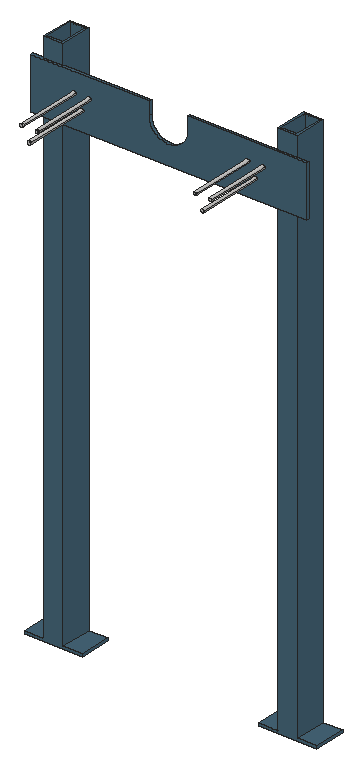
Revit family "Plate_System_Water_Coolers-Zurn-Industries-Z1224", category Plumbing Fixtures, host Face, Revit 2022
Family settings
  Host = Face
  Round Connector Dimension = Use Diameter
  Part Type = Normal
  OmniClass Number = 23.45.05.21.11.14
  OmniClass Title = Chemical/Biological Sanitary Disposal Units
  Cut with Voids When Loaded = No
  Maintain Annotation Orientation = No
  Shared = No
  Room Calculation Point = No
Parameters (values of type "Load Family Type Catalog")
  WFU = 1  # constant formula
  Type Comments = "American Standard®-Washbrook™ (6501.010)"
  Product Installation Sheet URL = "https://files.zurn.com/care-cleaning-install-warranty-sheets/c1.pdf"
  Width = 2.500"  # constant formula
  Waste Connection = 0 = 0  # yes
  Vent Connection = 0 = 1  # no
  URL = "www.zurn.com"
  System with Universal Plate = Iron - Zurn - Cast - Painted - Blue
  Single Installation Holes = no
  Product Data URL = "https://www.bimobject.com/en/zurnindustries/product/zurn-z1224"
  Product Page URL = "https://www.zurn.com/products/drainage-interceptors/carriers-fixture-supports/lavatory-sink-carriers/z1224"
  Product Documentation Link = "https://files.zurn.com/spec-sheets/z1224.pdf"
  Modified Date = "10/31/2025"  # constant formula
  Model = "Z1224"  # constant formula
  Manufacturer Brand = "Zurn"  # constant formula
  Manufacturer = "Zurn Water, LLC"  # constant formula
  Hardware = Steel - Zurn - Zinc Coated
  HWFU = 0  # constant formula
  HW Connection = 0 = 1  # no
  H Dimension = 42.000"
  E' Dimension = 0.500"
  E Dimension = 0.594"
  Double Installtion Holes = yes
  Description = "Plate Type System Lavatory With Back"  # constant formula
  Default Elevation = 25.000"  # constant formula
  Date Created = "11/13/2018"  # constant formula
  D' Dimension (Zurn) = 1.000"
  D Dimension = 13.500"
  Curve inner radius = 1.500"
  CWFU = 0  # constant formula
  CW Connection = 0 = 1  # no
  B Dimension = 39.750"
  Assembly Code = "D2030100"
  Approx.wt.lbs = "28"
  A Dimension = 18.250"
Reference planes (in)
  plane 1 "Center (Front/Back)": y = 0
  plane 2: z = 0
  plane 3 "Center (Left/Right)": x = 0
  plane 4: z = 42.1875
  plane 5: z = 0.1875
  plane 6: y = 2.5
  plane 7: x = -9.875
  plane 8: x = -8.375
  plane 9: x = 8.375
  plane 10: x = 9.875
  plane 11: x = -11.375
  plane 12: x = 11.375
  plane 13: z = 39.9375
  plane 14: y = 2.375
  plane 15: y = 0.12
  plane 16: x = -9.75
  plane 17: x = -8.5
  plane 18: x = 8.5
  plane 19: x = 9.75
  plane 20: x = 10.625
  plane 21: x = 7.625
  plane 22: x = 10.625
  plane 23: x = -10.625
  plane 24: z = 40.6875
  plane 25: z = 36.6875
  plane 26: x = -10.75
  plane 27: x = 10.75
  plane 28 "Faceplate": y = -0.1875
  plane 29: z = 40.6875
  plane 30: z = 36.6875
  plane 31: z = 37.1875
  plane 32: y = -5.3125
  plane 33: z = 39.1875
  plane 34: x = -1.5
  plane 35: x = 1.5
  plane 36 "Face": y = -0.1875
  plane 37: x = -7.344
  plane 38: x = -6.156
  plane 39: x = 6.156
  plane 40: x = 7.344
  plane 41: x = -7.469
  plane 42: x = -7.219
  plane 43: x = -6.281
  plane 44: x = -6.031
  plane 45: x = 6.031
  plane 46: x = 6.281
  plane 47: x = 7.219
  plane 48: x = 7.469
  plane 49: z = 38.1875
  plane 50: z = 25.6875
  plane 51: z = 25.4375
  plane 52: z = 39.6875
  plane 53: z = 39.4375
  plane 54: z = 38.6875
  plane 55: z = 38.4375
  plane 56: x = -9.125
  plane 57: x = 9.125
  plane 58: x = -3.5
  plane 59: x = 3.5
  plane 60: x = -6.75
  plane 61: x = 6.75
  plane 62: x = -10.75
  plane 63: x = 10.75
  plane 64: y = 1.25
  plane 65: x = -3.625
  plane 66: x = -3.375
  plane 67: x = -0.375
  plane 68: x = -0.125
  plane 69: x = 0.125
  plane 70: x = 0.5
  plane 71: x = 0.5
  plane 72: x = 3.375
  plane 73: x = 3.625
  plane 74: x = 5.375
  plane 75: x = 5.625
  plane 76: x = -6.875
  plane 77: x = 6.875
  plane 78: z = 45.4375
  plane 79: z = 41.4375
  plane 80: x = 93.15096
  plane 81: x = 96.15096
  plane 82: x = -1.5
  plane 83: x = 1.5
  plane 84: z = 37.6875
  plane 85: z = 40.41655
  plane 86: z = 39.41655
  plane 87: x = -6.625
  plane 88: x = 6.625
  plane 89: x = -0.625
  plane 90: x = -0.5
  plane 91: x = -4.125
  plane 92: x = -3.875
  plane 93: x = 0.375
  plane 94: x = 3.875
  plane 95: x = 4.125
  plane 96: z = 40.4165
  plane 97: z = 39.4165
Forms (in)
  Extrusion 1, solid, material "Iron - Zurn - Cast - Painted - Blue" <- "System with Universal Plate", detail levels fine
    sketch origin (0, 0, 0) x (1, 0, 0) y (0, 1, 0)
      loop
        line (6.875, 2.5) -> (6.875, 0) -> (11.375, 0) -> (11.375, 2.5) -> (6.875, 2.5)
      loop
        line (-11.375, 2.5) -> (-11.375, 0) -> (-6.875, 0) -> (-6.875, 2.5) -> (-11.375, 2.5)
    from 0 to 0.1875
  Extrusion 2, solid, material "Iron - Zurn - Cast - Painted - Blue" <- "System with Universal Plate", detail levels fine
    sketch origin (0, 0, 0) x (1, 0, 0) y (0, 1, 0)
      loop
        line (-9.875, 2.5) -> (-9.875, 0) -> (-8.375, 0) -> (-8.375, 2.5) -> (-9.875, 2.5)
      loop
        line (-9.75, 2.375) -> (-9.75, 0.12) -> (-8.5, 0.12) -> (-8.5, 2.375) -> (-9.75, 2.375)
      loop
        line (8.375, 2.5) -> (8.375, 0) -> (9.875, 0) -> (9.875, 2.5) -> (8.375, 2.5)
      loop
        line (8.5, 2.375) -> (8.5, 0.12) -> (9.75, 0.12) -> (9.75, 2.375) -> (8.5, 2.375)
    from 0 to 42.1875
  Extrusion 3, solid, material "Iron - Zurn - Cast - Painted - Blue" <- "System with Universal Plate", visible <- "Double Installtion Holes", detail levels fine
    sketch origin (0, 0, 0) x (1, 0, 0) y (0, 0, 1)
      loop
        line (-10.75, 36.6875) -> (10.75, 36.6875) -> (10.75, 40.6875) -> (1.5, 40.6875) -> (1.5, 39.6875)
        arc (1.5, 39.6875) -> (0, 38.1875) -> (-1.5, 39.6875) r 1.5
        line (-1.5, 39.6875) -> (-1.5, 40.6875) -> (-10.75, 40.6875) -> (-10.75, 36.6875)
    from 0 to 0.1875
  Extrusion 4, solid, material "Steel - Zurn - Zinc Coated" <- "Hardware", visible <- "Double Installtion Holes", detail levels fine
    sketch origin (0, -0.1875, 0) x (1, 0, 0) y (0, 0, 1)
      loop
        circle (-7.344, 39.1875) r 0.125
      loop
        circle (-6.75, 38.1875) r 0.125
      loop
        circle (-6.156, 39.1875) r 0.125
      loop
        circle (7.344, 39.1875) r 0.125
      loop
        circle (6.75, 38.1875) r 0.125
      loop
        circle (6.156, 39.1875) r 0.125
    from 0 to 5.125
  Extrusion 5, solid, material "Iron - Zurn - Cast - Painted - Blue" <- "System with Universal Plate", visible <- "Single Installation Holes", detail levels fine
    sketch origin (0, -0.1875, 0) x (1, 0, 0) y (0, 0, 1)
      loop
        line (-1.5, 36.6875) -> (-1.5, 37.6875)
        arc (-1.5, 37.6875) -> (0, 39.1875) -> (1.5, 37.6875) r 1.5
        line (1.5, 37.6875) -> (1.5, 36.6875) -> (10.75, 36.6875) -> (10.75, 40.6875) -> (-10.75, 40.6875) -> (-10.75, 36.6875) -> (-1.5, 36.6875)
    from 0 to -0.1875
  Extrusion 6, solid, material "Steel - Zurn - Zinc Coated" <- "Hardware", visible <- "Single Installation Holes", detail levels fine
    sketch origin (0, -0.1875, 0.09375) x (1, 0, 0) y (0, 0, 1)
      loop
        circle (-0.5, 40.3228) r 0.125
      loop
        circle (0, 39.3228) r 0.125
      loop
        circle (0.5, 40.3228) r 0.125
    from 0 to 5.125
Cuts and joins
  joined: Extrusion 1, Extrusion 2
Lines and regions (in)
  Masking region 1, detail levels fine
    outline origin (0, 0, 0) x (1, 0, 0) y (0, 1, 0)
      loop
        line (-11.375, 2.5) -> (-11.375, 0) -> (-10.75, 0) -> (-10.75, -0.1875) -> (-7.469, -0.1875) -> (-7.469, -5.3125) -> (7.469, -5.3125) -> (7.469, -0.1875) -> (10.75, -0.1875) -> (10.75, 0) -> (11.375, 0) -> (11.375, 2.5) -> (6.875, 2.5) -> (6.875, 0) -> (-6.875, 0) -> (-6.875, 2.5) -> (-11.375, 2.5)
  symbolic lines, detail levels fine
    curve 1: line (0, 0, 0.1875) -> (0, 2.5, 0.1875)
  model lines, detail levels coarse+medium
    curve 2: line (-10.75, -0.1875, 39.9375) -> (10.75, -0.1875, 39.9375)
    curve 3: line (-9.125, -0.1875, 42.1875) -> (-9.125, -0.1875, 0)
    curve 4: line (9.125, -0.1875, 42.1875) -> (9.125, -0.1875, 0)
  symbolic lines, detail levels coarse+medium
    curve 5: line (-6.875, 2.5, 0) -> (-11.375, 2.5, 0)
    curve 6: line (-6.875, 0, 0) -> (-6.875, 2.5, 0)
    curve 7: line (6.875, 2.5, 0) -> (6.875, 0, 0)
    curve 8: line (11.375, 2.5, 0) -> (6.875, 2.5, 0)
    curve 9: line (11.375, 0, 0) -> (11.375, 2.5, 0)
    curve 10: line (-11.375, 2.5, 0) -> (-11.375, 0, 0)
    curve 13: line (-6.875, 0, 0) -> (-11.375, 0, 0)
    curve 14: line (11.375, 0, 0) -> (6.875, 0, 0)
    curve 15: line (-6.875, 0, 0) -> (6.875, 0, 0)
  symbolic lines, visible <- "Single Installation Holes", detail levels coarse+medium
    curve 11: line (0, 1.25, 40.4165) -> (0, -5.3125, 40.4165)
    curve 12: line (0, 1.25, 39.4165) -> (0, -5.3125, 39.4165)
    curve 16: line (-0.5, 0, 0) -> (-0.5, -5.3125, 0)
    curve 17: line (0, 0, 0) -> (0, -5.3125, 0)
    curve 18: line (0.5, 0, 0) -> (0.5, -5.3125, 0)
  symbolic lines, visible <- "Double Installtion Holes", detail levels coarse+medium
    curve 19: line (-7.344, 0, 0) -> (-7.344, -5.3125, 0)
    curve 20: line (-6.75, 0, 0) -> (-6.75, -5.3125, 0)
    curve 21: line (-6.156, 0, 0) -> (-6.156, -5.3125, 0)
    curve 22: line (6.156, 0, 0) -> (6.156, -5.3125, 0)
    curve 23: line (6.75, 0, 0) -> (6.75, -5.3125, 0)
    curve 24: line (7.344, 0, 0) -> (7.344, -5.3125, 0)
Dimensions and locks (in)
  plane 7 to plane 8 = 1.500"
  locked: plane 7 to plane 8 at 1.5
  plane 9 to plane 10 = 1.500"
  locked: plane 9 to plane 10 at 1.5
  locked: plane 11 to plane 7 at 1.5
  locked: plane 10 to plane 12 at 1.5
  locked: plane 5 to plane 2 at 0.1875
  "B Dimension": plane 13 to plane 5
  locked: plane 9 to plane 18 at 0.125
  locked: plane 19 to plane 10 at 0.125
  locked: plane 6 to plane 14 at 0.125
  locked: plane 7 to plane 16 at 0.125
  locked: plane 17 to plane 8 at 0.125
  locked: plane 24 to plane 13 at 0.75
  locked: plane 24 to plane 25 at 4
  locked: plane 28 "Faceplate" to plane 1 "Center (Front/Back)" at 0.1875
  locked: plane 29 to plane 13 at 0.75
  locked: plane 29 to plane 30 at 4
  locked: plane 31 to plane 30 at 0.5
  locked: plane 32 to plane 1 "Center (Front/Back)" at 5.3125
  locked: plane 33 to plane 31 at 2
  equal spacing: plane 35, plane 3 "Center (Left/Right)", plane 34
  "Width": plane 1 "Center (Front/Back)" to plane 6
  "H Dimension": plane 4 to plane 5
  plane 37 to plane 38 = 1.188"
  plane 39 to plane 40 = 1.188"
  plane 41 to plane 37 to plane 42 = 0.125" locked, 0.125" locked
  plane 43 to plane 38 to plane 44 = 0.125" locked, 0.125" locked
  plane 45 to plane 39 to plane 46 = 0.125" locked, 0.125" locked
  plane 47 to plane 40 to plane 48 = 0.125" locked, 0.125" locked
  locked: plane 49 to plane 30 at 1.5
  plane 33 to plane 49 = 1.000"
  equal spacing: plane 57, plane 3 "Center (Left/Right)", plane 56
  "A Dimension": plane 57 to plane 56
  equal spacing: plane 61, plane 3 "Center (Left/Right)", plane 60
  "D Dimension": plane 61 to plane 60
  "E Dimension": plane 61 to plane 39
  "E Dimension": plane 40 to plane 61
  "E Dimension": plane 60 to plane 37
  "E Dimension": plane 38 to plane 60
  locked: plane 78 to plane 79 at 4
  plane 81 to plane 80 = 3.000"
  locked: plane 29 to plane 85 at 0.27095
  locked: plane 85 to plane 86 at 1
  locked: plane 84 to plane 30 at 1
  equal spacing: plane 71, plane 3 "Center (Left/Right)", plane 90
  "D' Dimension (Zurn)": plane 71 to plane 90
  plane 56 to plane 7 = 0.750"
  plane 8 to plane 56 = 0.750"
  plane 57 to plane 9 = 0.750"
  plane 10 to plane 57 = 0.750"
  "E' Dimension": plane 3 "Center (Left/Right)" to plane 90
  "E' Dimension": plane 71 to plane 3 "Center (Left/Right)"
  equal spacing: plane 70, plane 3 "Center (Left/Right)", plane 90
  locked: plane 29 to plane 96 at 0.271
  locked: plane 96 to plane 97 at 1
  diameter of Extrusion 4 sketch curve = 0.250"  (x6)
  diameter of Extrusion 6 sketch curve = 0.250"  (x3)
  aligned and locked: plane 2 to host face
  aligned and locked: level to host face
  aligned and locked: Extrusion 1 sketch curve to plane 6  (x2)
  aligned and locked: Extrusion 1 sketch curve to plane 1 "Center (Front/Back)"  (x2)
  aligned and locked: plane 11 to Extrusion 1 sketch curve
  aligned and locked: Extrusion 1 sketch curve to plane 12
  aligned and locked: plane 5 to Extrusion 1
  aligned and locked: Extrusion 2 sketch curve to plane 6  (x2)
  aligned and locked: Extrusion 2 sketch curve to plane 14  (x2)
  aligned and locked: Extrusion 2 sketch curve to plane 8
  aligned and locked: Extrusion 2 sketch curve to plane 17
  aligned and locked: plane 7 to Extrusion 2 sketch curve
  aligned and locked: plane 16 to Extrusion 2 sketch curve
  aligned and locked: Extrusion 2 sketch curve to plane 1 "Center (Front/Back)"  (x2)
  aligned and locked: plane 15 to Extrusion 2 sketch curve  (x2)
  aligned and locked: plane 9 to Extrusion 2 sketch curve
  aligned and locked: plane 18 to Extrusion 2 sketch curve
  aligned and locked: Extrusion 2 sketch curve to plane 10
  aligned and locked: Extrusion 2 sketch curve to plane 19
  aligned and locked: plane 4 to Extrusion 2
  aligned and locked: plane 25 to Extrusion 3 sketch curve
  aligned and locked: plane 26 to Extrusion 3 sketch curve
  aligned and locked: Extrusion 3 sketch curve to plane 27
  aligned and locked: Extrusion 3 to plane 28 "Faceplate"
  aligned and locked: Extrusion 3 sketch curve to plane 34
  aligned and locked: Extrusion 3 sketch curve to plane 35
  aligned and locked: plane 24 to Extrusion 3 sketch curve
  aligned and locked: Extrusion 3 sketch curve to plane 24
  aligned and locked: plane 29 to Extrusion 3  (x2)
  aligned and locked: plane 36 "Face" to plane 28 "Faceplate"
  aligned and locked: curve 1 to plane 5
  aligned and locked: cut or joined group of Extrusion 1, Extrusion 2 to plane 9
  aligned and locked: plane 10 to cut or joined group of Extrusion 1, Extrusion 2
  aligned and locked: plane 33 to Extrusion 4 sketch curve  (x4)
  aligned and locked: plane 37 to Extrusion 4 sketch curve
  aligned and locked: plane 38 to Extrusion 4 sketch curve
  aligned and locked: plane 49 to Extrusion 4 sketch curve
  aligned and locked: plane 39 to Extrusion 4 sketch curve
  aligned and locked: plane 40 to Extrusion 4 sketch curve
  aligned and locked: Extrusion 4 sketch curve to plane 49
  aligned and locked: Extrusion 4 to plane 32
  aligned and locked: plane 60 to Extrusion 4 sketch curve
  aligned and locked: Extrusion 4 sketch curve to plane 61
  aligned and locked: plane 62 to Extrusion 3
  aligned and locked: plane 63 to Extrusion 3
  aligned and locked: plane 36 "Face" to Extrusion 3
  aligned and locked: Extrusion 4 to Extrusion 3
  aligned and locked: plane 32 to Extrusion 4  (x4)
  aligned and locked: Extrusion 4 to plane 36 "Face"
  aligned and locked: cut or joined group of Extrusion 1, Extrusion 2 to plane 11
  aligned and locked: plane 6 to cut or joined group of Extrusion 1, Extrusion 2  (x2)
  aligned and locked: plane 76 to cut or joined group of Extrusion 1, Extrusion 2
  aligned and locked: plane 77 to cut or joined group of Extrusion 1, Extrusion 2
  aligned and locked: plane 12 to cut or joined group of Extrusion 1, Extrusion 2
  aligned and locked: plane 1 "Center (Front/Back)" to cut or joined group of Extrusion 1, Extrusion 2
  aligned and locked: plane 82 to Extrusion 5 sketch curve
  aligned and locked: plane 83 to Extrusion 5 sketch curve
  aligned and locked: plane 84 to Extrusion 5 sketch curve
  aligned and locked: plane 3 "Center (Left/Right)" to Extrusion 5 sketch curve
  aligned and locked: Extrusion 5 to plane 1 "Center (Front/Back)"
  aligned and locked: plane 36 "Face" to Extrusion 5
  aligned and locked: Extrusion 6 to plane 32
  aligned and locked: plane 85 to Extrusion 6 sketch curve  (x2)
  aligned and locked: plane 71 to Extrusion 6 sketch curve
  aligned and locked: plane 3 "Center (Left/Right)" to Extrusion 6 sketch curve
  aligned and locked: plane 86 to Extrusion 6 sketch curve
  aligned and locked: plane 62 to Extrusion 5 sketch curve
  aligned and locked: plane 30 to Extrusion 5 sketch curve
  aligned and locked: Extrusion 5 sketch curve to plane 30
  aligned and locked: Extrusion 5 sketch curve to plane 29
  aligned and locked: plane 63 to Extrusion 5 sketch curve  (x2)
  aligned and locked: Extrusion 5 to plane 62
  aligned and locked: plane 63 to Extrusion 5
  aligned and locked: plane 4 to cut or joined group of Extrusion 1, Extrusion 2
  aligned and locked: cut or joined group of Extrusion 1, Extrusion 2 to host face
  aligned and locked: plane 32 to Extrusion 6  (x2)
  aligned and locked: curve 3 to plane 56
  aligned and locked: plane 63 to curve 2
  aligned and locked: host face to curve 4
  aligned and locked: host face to curve 3
  aligned and locked: Masking region 1 sketch curve to cut or joined group of Extrusion 1, Extrusion 2  (x5)
  aligned and locked: cut or joined group of Extrusion 1, Extrusion 2 to Masking region 1 sketch curve  (x2)
  aligned and locked: Masking region 1 sketch curve to Extrusion 5  (x2)
  aligned and locked: Masking region 1 sketch curve to curve 2
  aligned and locked: Masking region 1 sketch curve to Extrusion 4
  aligned and locked: Extrusion 4 to Masking region 1 sketch curve
  aligned and locked: plane 90 to Extrusion 6 sketch curve
  aligned and locked: plane 62 to curve 2
  aligned and locked: cut or joined group of Extrusion 1, Extrusion 2 to plane 4
  aligned and locked: curve 5 to Masking region 1
  aligned and locked: Masking region 1 to curve 6
  aligned and locked: curve 7 to Masking region 1
  aligned and locked: curve 8 to Masking region 1
  aligned and locked: curve 9 to Masking region 1
  aligned and locked: curve 10 to Masking region 1
  aligned and locked: curve 11 to plane 96
  aligned and locked: plane 32 to curve 11
  aligned and locked: plane 32 to curve 12
  aligned and locked: curve 12 to plane 97
  aligned and locked: curve 21 to plane 38
Automatic sketch dimensions
  host sketch curve to host sketch curve = 121.37755"
  host sketch curve to host sketch curve = 139.20284"
  Extrusion 1 sketch curve to plane 76 = 0.000"
  Extrusion 1 sketch curve to plane 77 = 0.000"
  Extrusion 3 sketch curve to plane 13 = 0.250"
  Masking region 1 sketch curve to plane 41 = 0.000"
  Masking region 1 sketch curve to plane 48 = 0.000"
  Extrusion 6 sketch curve to plane 71 = 0.000"
  curve 2 to plane 13 = 0.000"
  plane 1 "Center (Front/Back)" to Masking region 1 sketch curve = 0.000"  (x2)
  curve 1 to plane 1 "Center (Front/Back)" = 0.000"
  curve 1 to plane 6 = 0.000"
  curve 19 to plane 37 = 0.000"
  curve 20 to plane 60 = 0.000"
  curve 16 to plane 90 = 0.000"
  curve 17 to plane 3 "Center (Left/Right)" = 0.000"
  curve 18 to plane 70 = 0.000"
  curve 22 to plane 39 = 0.000"
  curve 23 to plane 61 = 0.000"
  curve 24 to plane 40 = 0.000"
  curve 24 to plane 32 = 0.000"
  curve 17 to plane 32 = 0.000"
  curve 18 to plane 32 = 0.000"
  curve 23 to plane 32 = 0.000"
  curve 19 to plane 32 = 0.000"
  curve 20 to plane 32 = 0.000"
  curve 16 to plane 32 = 0.000"
  curve 22 to plane 32 = 0.000"
  curve 21 to plane 32 = 0.000"
  plane 1 "Center (Front/Back)" to curve 9 = 0.000"
  curve 4 to plane 4 = 0.000"
  curve 4 to plane 57 = 0.000"
  curve 3 to plane 4 = 0.000"
  curve 12 to plane 64 = 0.000"
  curve 11 to plane 64 = 0.000"
Types in the file's own list only (38): name | Type Comments | Width | Single Installation Holes | H Dimension | E' Dimension | E Dimension | Double Installtion Holes | Default Elevation | D' Dimension (Zurn) | D Dimension | Curve inner radius | B Dimension | A Dimension
  American Standard®-Allbrook™ (6541.132) | "American Standard®-Allbrook™ (6541.132)" | 2.500 " | Yes | 36.000 " | 0.594 " | 0.594 " | No | 25.000 " | 1.188 " | 12.000 " | 1.500 " | 31.750 " | 18.250 "
  Zurn-Small Waterless (Z5796) | "Zurn-Small Waterless (Z5796)" | 2.500 " | Yes | 36.000 " | 0.500 " | 0.500 " | No | 25.000 " | 1.000 " | 12.000 " | 1.500 " | 30.875 " | 18.250 "
  Zurn-Urinal (Z5740) | "Zurn-Urinal (Z5740)" | 2.500 " | Yes | 36.000 " | 0.500 " | 0.500 " | No | 25.000 " | 1.000 " | 12.000 " | 1.500 " | 31.750 " | 18.250 "
  Zurn-Small Pint (Z5738) | "Zurn-Small Pint (Z5738)" | 2.500 " | Yes | 36.000 " | 0.500 " | 0.500 " | No | 25.000 " | 1.000 " | 12.000 " | 1.500 " | 32.000 " | 18.250 "
  Kohler®-Bardon™ (K-4960) | "Kohler®-Bardon™ (K-4960)" | 2.500 " | No | 48.000 " | 0.500 " | 0.500 " | Yes | 25.000 " | 1.000 " | 12.000 " | 1.500 " | 41.250 " | 18.250 "
  Kohler®-Bardon™ (K-4904-ET) | "Kohler®-Bardon™ (K-4904-ET)" | 2.500 " | No | 48.000 " | 0.500 " | 0.500 " | Yes | 25.000 " | 1.000 " | 12.000 " | 1.500 " | 41.250 " | 18.250 "
  American Standard®-Trimbrook™ (6561-017) | "American Standard®-Trimbrook™ (6561.017)" | 2.500 " | No | 42.000 " | 0.500 " | 0.594 " | Yes | 25.000 " | 1.000 " | 11.000 " | 1.500 " | 38.375 " | 18.250 "
  American Standard®-Washbrook™ (6590-525) | "American Standard®-Washbrook™ (6590.525)" | 2.500 " | No | 42.000 " | 0.500 " | 0.594 " | Yes | 25.000 " | 1.000 " | 13.500 " | 1.500 " | 39.500 " | 18.250 "
  American Standard®-Washbrook™ (6590-125) | "American Standard®-Washbrook™ (6590.125)" | 2.500 " | No | 42.000 " | 0.500 " | 0.594 " | Yes | 25.000 " | 1.000 " | 13.500 " | 1.500 " | 39.500 " | 18.250 "
  American Standard®-Washbrook™ (6515-125) | "American Standard®-Washbrook™ (6515.125)" | 2.500 " | No | 42.000 " | 0.500 " | 0.594 " | Yes | 25.000 " | 1.000 " | 13.500 " | 1.500 " | 39.500 " | 18.250 "
  American Standard®-Washbrook™ (6506-011) | "American Standard®-Washbrook™ (6506.011)" | 2.500 " | No | 42.000 " | 0.500 " | 0.594 " | Yes | 25.000 " | 1.000 " | 13.500 " | 1.500 " | 39.750 " | 18.250 "
  American Standard®-Washbrook™ (6501-010) | "American Standard®-Washbrook™ (6501.010)" | 2.500 " | No | 42.000 " | 0.500 " | 0.594 " | Yes | 25.000 " | 1.000 " | 13.500 " | 1.500 " | 39.750 " | 18.250 "
  Eljer®-Signature™ (161-2095) | "Eljer®-Signature™ (161-2095)" | 2.500 " | No | 42.000 " | 0.500 " | 0.500 " | Yes | 25.000 " | 1.000 " | 11.000 " | 1.500 " | 36.500 " | 18.250 "
  Eljer®-Signature™ (161-2090) | "Eljer®-Signature™ (161-2090)" | 2.500 " | No | 42.000 " | 0.500 " | 0.500 " | Yes | 25.000 " | 1.000 " | 11.000 " | 1.500 " | 36.500 " | 18.250 "
  Eljer®-Bedfordshire™ (161-1190) | "Eljer®-Bedfordshire™ (161-1190)" | 2.500 " | No | 36.000 " | 0.500 " | 0.500 " | Yes | 25.000 " | 1.000 " | 6.000 " | 1.500 " | 32.125 " | 18.250 "
  Eljer®-Dover™ (161-1150) | "Eljer®-Dover™ (161-1150)" | 2.500 " | No | 36.000 " | 0.500 " | 0.500 " | Yes | 25.000 " | 1.000 " | 6.000 " | 1.500 " | 33.125 " | 18.250 "
  Eljer®-Savon™ (161-1095) | "Eljer®-Savon™ (161-1095)" | 2.500 " | No | 42.000 " | 0.500 " | 0.500 " | Yes | 25.000 " | 1.000 " | 11.000 " | 1.500 " | 36.500 " | 18.250 "
  Eljer®-Savon™ (161-1090) | "Eljer®-Savon™ (161-1090)" | 2.500 " | No | 42.000 " | 0.500 " | 0.500 " | Yes | 25.000 " | 1.000 " | 11.000 " | 1.500 " | 36.500 " | 18.250 "
  Eljer®-Correcto™ (161-1075) | "Eljer®-Correcto™ (161-1075)" | 2.500 " | No | 48.000 " | 0.500 " | 0.500 " | Yes | 25.000 " | 1.000 " | 12.000 " | 1.500 " | 40.125 " | 18.250 "
  Eljer®-Correcto™ (161-1060) | "Eljer®-Correcto™ (161-1060)" | 2.500 " | No | 48.000 " | 0.500 " | 0.500 " | Yes | 25.000 " | 1.000 " | 12.000 " | 1.500 " | 40.125 " | 18.250 "
  Eljer®-Correcto™ (161-1045) | "Eljer®-Correcto™ (161-1045)" | 2.500 " | No | 48.000 " | 0.500 " | 0.500 " | Yes | 25.000 " | 1.000 " | 12.000 " | 1.500 " | 40.125 " | 18.250 "
  Zurn-Urinal (Z5730) | "Zurn-Urinal (Z5730)" | 2.500 " | Yes | 36.000 " | 0.500 " | 0.500 " | No | 25.000 " | 1.000 " | 12.000 " | 1.500 " | 31.750 " | 18.250 "
  Eljer®-Correcto™ (161-1030) | "Eljer®-Correcto™ (161-1030)" | 2.500 " | No | 48.000 " | 0.500 " | 0.500 " | Yes | 25.000 " | 1.000 " | 12.000 " | 1.500 " | 40.125 " | 18.250 "
  American Standard®-Pintbrook™ (6002-001) | "American Standard®-Pintbrook™ (6002.001)" | 2.500 " | No | 36.000 " | 0.500 " | 0.594 " | Yes | 25.000 " | 1.000 " | 6.000 " | 1.500 " | 33.375 " | 18.250 "
  Eljer®-Correcto™ (161-1035) | "Eljer®-Correcto™ (161-1035)" | 2.500 " | No | 48.000 " | 0.500 " | 0.500 " | Yes | 25.000 " | 1.000 " | 12.000 " | 1.500 " | 40.125 " | 18.250 "
  Eljer®-Correcto™ (161-1050) | "Eljer®-Correcto™ (161-1050)" | 2.500 " | No | 48.000 " | 0.500 " | 0.500 " | Yes | 25.000 " | 1.000 " | 12.000 " | 1.500 " | 40.125 " | 18.250 "
  Eljer®-Correcto™ (161-1065) | "Eljer®-Correcto™ (161-1065)" | 2.500 " | No | 48.000 " | 0.500 " | 0.500 " | Yes | 25.000 " | 1.000 " | 12.000 " | 1.500 " | 40.125 " | 18.250 "
  Eljer®-Correcto™ (161-1080) | "Eljer®-Correcto™ (161-1080)" | 2.500 " | No | 48.000 " | 0.500 " | 0.500 " | Yes | 25.000 " | 1.000 " | 12.000 " | 1.500 " | 40.125 " | 18.250 "
  Eljer®-Correcto™ (161-2030) | "Eljer®-Correcto™ (161-2030)" | 2.500 " | No | 48.000 " | 0.500 " | 0.500 " | Yes | 25.000 " | 1.000 " | 12.000 " | 1.500 " | 40.125 " | 18.250 "
  Eljer®-Terminal™ (161-1100) | "Eljer®-Terminal™ (161-1100)" | 2.500 " | No | 42.000 " | 0.500 " | 0.500 " | Yes | 25.000 " | 1.000 " | 9.500 " | 1.500 " | 34.625 " | 18.250 "
  Eljer®-Dover™ (161-1155) | "Eljer®-Dover™ (161-1155)" | 2.500 " | No | 36.000 " | 0.500 " | 0.500 " | Yes | 25.000 " | 1.000 " | 6.000 " | 1.500 " | 33.125 " | 18.250 "
  Zurn-Urinal (Z5750) | "Zurn-Urinal (Z5750)" | 2.500 " | No | 42.000 " | 0.500 " | 0.500 " | Yes | 25.000 " | 1.000 " | 14.000 " | 1.500 " | 38.750 " | 18.250 "
  Zurn-Retro Pint (Z5758) | "Zurn-Retro Pint (Z5758)" | 2.500 " | No | 48.000 " | 0.500 " | 0.500 " | Yes | 25.000 " | 1.000 " | 14.000 " | 1.500 " | 41.125 " | 18.250 "
  Zurn-Retro Pint (Z5759) | "Zurn-Retro Pint (Z5759)" | 2.500 " | No | 48.000 " | 0.500 " | 0.500 " | Yes | 25.000 " | 1.000 " | 14.000 " | 1.500 " | 41.125 " | 18.250 "
  Zurn-Urinal (Z5760) | "Zurn-Urinal (Z5760)" | 2.500 " | No | 42.000 " | 0.500 " | 0.500 " | Yes | 25.000 " | 1.000 " | 14.000 " | 1.500 " | 38.750 " | 18.250 "
  Zurn-Waterless (Z5795) | "Zurn-Waterless (Z5795)" | 2.500 " | No | 42.000 " | 0.500 " | 0.500 " | Yes | 25.000 " | 1.000 " | 14.000 " | 1.500 " | 39.750 " | 18.250 "
  Zurn-"The Pint" (Z5798) | "Zurn-\"\"The Pint\"\" (Z5798)" | 2.500 " | No | 42.000 " | 0.500 " | 0.500 " | Yes | 25.000 " | 1.000 " | 14.000 " | 1.500 " | 38.750 " | 18.250 "
  Zurn-"The Pint" (Z5799) | "Zurn-\"\"The Pint\"\" (Z5799)" | 2.500 " | No | 42.000 " | 0.500 " | 0.500 " | Yes | 25.000 " | 1.000 " | 14.000 " | 1.500 " | 38.750 " | 18.250 "
